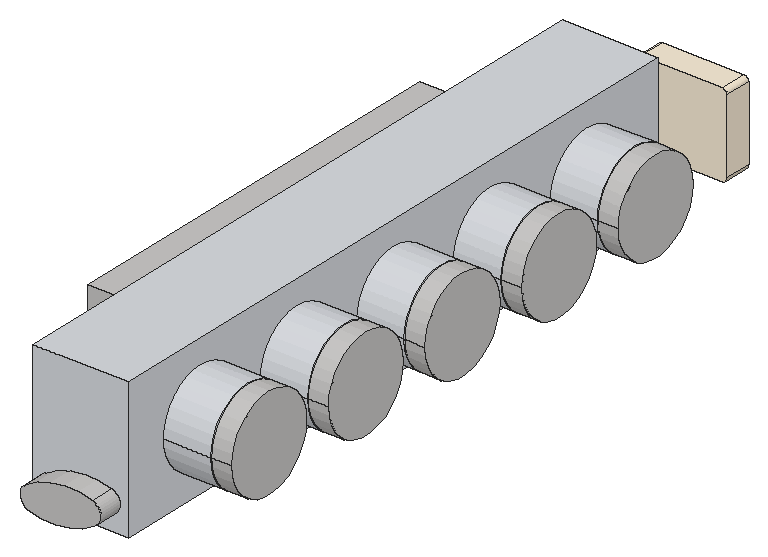
Revit family "HVAC_Ductwork_Airzone_Motorized-Plenum_Panasonic_Standard_5-Dampers", category Mechanical Equipment, Revit 2016
Family settings
  Part Type = Normal
  Round Connector Dimension = Use Diameter
  OmniClass Number = 23.75.70.14
  OmniClass Title = Air Ductwork
  Work Plane-Based = No
  Always vertical = Yes
  Cut with Voids When Loaded = No
  Shared = No
  Room Calculation Point = No
Parameters (values of type "PANST01M5")
  Voltage = 230 V
  URL = "www.airzone.es"
  Type Image Comments = "Image available in product documentation download"  # constant formula
  Revit Model Version = "1.0"  # constant formula
  Revit Model Author URL = "www.a3d.es"
  Revit Model Author = "A3D Consulting"  # constant formula
  Product Documentation Download URL = "http://doc.airzone.es/BIM/Easyzone/Panasonic-Airzone_motorized_plenum.zip"
  Product Comments = "Refer to technical documentation for further details"  # constant formula
  Power Factor = 1
  Neck Width = 891.600 mm
  Neck Length = 95.000 mm
  Neck Height = 162.600 mm
  Material = Metal - AIRZONE - Galvanized Sheet - Semi-polished
  Main Control Board Material = Plastic - AIRZONE - Smooth - Off-white
  Load Classification = Other
  Insulated Body Width = 205.000 mm  # constant formula
  Insulated Body Material = Metal -AIRZONE - Insulating Lining -Aluminum Finish
  Insulated Body Length = 1425.000 mm  # constant formula
  Insulated Body Height = 300.000 mm  # constant formula
  Flow [instance] = Damper 5 Air Flow + Damper 4 Air Flow + Damper 3 Air Flow + Damper 2 Air Flow + Damper 1 Air Flow - Fresh Air Inlet 2 Flow - Fresh Air Inlet 1 Flow  # 1500 m³/h
  Fresh Air Inlet 1 Flow [instance] = 0 m³/h
  Fresh Air Inlet 2 Flow [instance] = 0 m³/h
  Fresh Air Inlet Connection Width = 175.000 mm
  Fresh Air Inlet Connection Height = 75.000 mm
  Model = "PANST01M5"
  Neck Side Offset = 266.700 mm
  Neck Bottom Offset = 102.200 mm
  Type Image = <None>
  Manufacturer = "AIRZONE"  # constant formula
  Main Control Board Depth = 57.000 mm  # constant formula
  Main Control Board Width = 195.000 mm  # constant formula
  Main Control Board Height = 180.000 mm  # constant formula
  Fixing = ""
  Disclaimer = "All information provided in this model is reviewed before being published. However, Airzone cannot guarantee this model is error-free, therefore users are strongly encouraged to check for technical documentation and updates"  # constant formula
  Description = "Airzone standard motorized plenum with neck that mechanically adapts to the main ducted AC units of Panasonic."
  Type Comments = ""
  Dampers Length = 149.000 mm  # constant formula
  Dampers Diameter = 200.000 mm  # constant formula
  Damper 5 Air Flow [instance] = 300 m³/h
  Damper 4 Air Flow [instance] = 300 m³/h
  Damper 1 Air Flow [instance] = 300 m³/h
  Damper 2 Air Flow [instance] = 300 m³/h
  Damper 3 Air Flow [instance] = 300 m³/h
  Fresh Air Inlet Connection Offset Height = 48.305 mm  # constant formula
  Compatible Accesories = ""
  Apparent Load = 57.5 VA
Types (5, lengths in mm): name | Neck Width | Neck Height | Model | Neck Side Offset | Neck Bottom Offset
  PANST05L5 | 1195.600 | 189.600 | "PANST05L5" | 164.700 | 77.200
  PANST05M5 | 795.600 | 189.600 | "PANST05M5" | 364.700 | 77.200
  PANST05S5 | 595.600 | 189.600 | "PANST05S5" | 464.700 | 77.200
  PANST01L5 | 1091.600 | 162.600 | "PANST01L5" | 166.700 | 102.200
  PANST01M5 | 891.600 | 162.600 | "PANST01M5" | 266.700 | 102.200
Reference planes
  plane 1 "Center (Front/Back)": y = 0
  plane 2 "Center (Elevation)": z = 0
  plane 3 "Center (Left/Right)": x = 0
  plane 4 "Neck Back": y = 445.8
  plane 5 "Neck Front": y = -445.8
  plane 6 "Neck Top": z = 81.3
  plane 7 "Neck Bottom": z = -81.3
  plane 8 "Left": x = 95
  plane 9 "Bottom": z = -183.5
  plane 10 "Top": z = 116.5
  plane 11 "Front": y = -712.5
  plane 12 "Back": y = 712.5
  plane 13 "Right": x = 300
  plane 14 "Dampers Front": x = 449
  plane 15 "Dampers Center (Elevation)": z = -33.5
  plane 16 "Damper3": y = 0
  plane 17 "Damper2": y = 260
  plane 18 "Damper1": y = 520
  plane 19 "Middle": y = 0
  plane 20 "FreshAir Center (Elevation)": z = -135.195
  plane 21 "FreshAir1": y = 765
  plane 22 "FreshAir2": y = -765
  plane 23 "Dampers Lining": x = 404
  plane 24 "FreshAir Vertical Axis": x = 195.83
  plane 25 "ConnectionBox Side": x = 254
  plane 26 "Main Control Board Center (Left/Right)": x = 351.5
  plane 27 "Damper4": y = -260
  plane 28 "Damper5": y = -520
Forms (mm)
  Extrusion 1, solid, material "Metal - AIRZONE - Galvanized Sheet - Semi-polished" <- "Material"
    sketch origin (0, 0, 0) x (0, 1, 0) y (0, 0, 1)
      loop
        line (-445.8, 81.3) -> (-445.8, -81.3) -> (445.8, -81.3) -> (445.8, 81.3) -> (-445.8, 81.3)
    from 0 to 95
  Extrusion 2, solid, material "Metal -AIRZONE - Insulating Lining -Aluminum Finish" <- "Insulated Body Material"
    sketch origin (95, 0, 0) x (0, 1, 0) y (0, 0, 1)
      loop
        line (-712.5, 116.5) -> (-712.5, -183.5) -> (712.5, -183.5) -> (712.5, 116.5) -> (-712.5, 116.5)
    from 0 to 205
  Extrusion 3, solid, material "Metal - AIRZONE - Galvanized Sheet - Semi-polished" <- "Material"
    sketch origin (300, 0, 0) x (0, 1, 0) y (0, 0, 1)
      loop
        circle (0, -33.5) r 100
    from 104 to 149
  Extrusion 4, solid, material "Metal - AIRZONE - Galvanized Sheet - Semi-polished" <- "Material"
    sketch origin (300, 0, 0) x (0, 1, 0) y (0, 0, 1)
      loop
        circle (260, -33.5) r 100
    from 104 to 149
  Extrusion 5, solid, material "Metal - AIRZONE - Galvanized Sheet - Semi-polished" <- "Material"
    sketch origin (300, 0, 0) x (0, 1, 0) y (0, 0, 1)
      loop
        circle (520, -33.5) r 100
    from 104 to 149
  Extrusion 6, solid, material "Metal - AIRZONE - Galvanized Sheet - Semi-polished" <- "Material"
    sketch origin (0, -712.5, 0) x (0, 0, 1) y (1, 0, 0)
      loop
        arc (-102.641, 265.204) -> (-124.108, 282.105) -> (-148.812, 270.434) r 25.96
        arc (-148.812, 270.434) -> (-174.802, 200.598) -> (-167.349, 126.456) r 164.67
        arc (-167.349, 126.456) -> (-146.165, 109.589) -> (-121.494, 120.751) r 25.96
        arc (-121.494, 120.751) -> (-95.225, 190.78) -> (-102.641, 265.204) r 164.67
    from 0 to -52.5
  Extrusion 7, solid, material "Metal - AIRZONE - Galvanized Sheet - Semi-polished" <- "Material"
    sketch origin (0, 712.5, 0) x (0, 0, 1) y (1, 0, 0)
      loop
        arc (-102.641, 265.204) -> (-123.825, 282.071) -> (-148.496, 270.909) r 25.96
        arc (-148.496, 270.909) -> (-174.679, 201.53) -> (-167.767, 127.699) r 164.67
        arc (-167.767, 127.699) -> (-146.532, 109.637) -> (-121.178, 121.226) r 25.96
        arc (-121.178, 121.226) -> (-95.188, 191.062) -> (-102.641, 265.204) r 164.67
    from 0 to 52.5
  Extrusion 8, solid, material "Metal -AIRZONE - Insulating Lining -Aluminum Finish" <- "Insulated Body Material"
    sketch origin (300, 0, 0) x (0, 1, 0) y (0, 0, 1)
      loop
        circle (520, -33.5) r 100
    from 0 to 104
  Extrusion 9, solid, material "Metal -AIRZONE - Insulating Lining -Aluminum Finish" <- "Insulated Body Material"
    sketch origin (300, -260, 0) x (0, 1, 0) y (0, 0, 1)
      loop
        circle (520, -33.5) r 100
    from 0 to 104
  Extrusion 10, solid, material "Metal -AIRZONE - Insulating Lining -Aluminum Finish" <- "Insulated Body Material"
    sketch origin (300, -520, 0) x (0, 1, 0) y (0, 0, 1)
      loop
        circle (520, -33.5) r 100
    from 0 to 104
  Extrusion 11, solid, material "Metal - AIRZONE - Galvanized Sheet - Semi-polished" <- "Material"
    sketch origin (300, -190, 0) x (0, 1, 0) y (0, 0, 1)
      loop
        circle (-70, -33.5) r 100
    from 104 to 149
  Extrusion 12, solid, material "Metal -AIRZONE - Insulating Lining -Aluminum Finish" <- "Insulated Body Material"
    sketch origin (300, -710, 0) x (0, 1, 0) y (0, 0, 1)
      loop
        circle (450, -33.5) r 100
    from 0 to 104
  Extrusion 13, solid, material "Metal -AIRZONE - Insulating Lining -Aluminum Finish" <- "Insulated Body Material"
    sketch origin (300, -970, 0) x (0, 1, 0) y (0, 0, 1)
      loop
        circle (450, -33.5) r 100
    from 0 to 104
  Extrusion 14, solid, material "Metal - AIRZONE - Galvanized Sheet - Semi-polished" <- "Material"
    sketch origin (300, -450, 0) x (0, 1, 0) y (0, 0, 1)
      loop
        circle (-70, -33.5) r 100
    from 104 to 149
Lines and regions (mm)
  Masking region 1
    outline origin (0, 0, 0) x (1, 0, 0) y (0, 1, 0)
      loop
        line (95, 712.5) -> (95, -712.5) -> (300, -712.5) -> (300, 712.5) -> (95, 712.5)
  Masking region 2, detail levels medium+fine
    outline origin (0, 0, 0) x (1, 0, 0) y (0, 1, 0)
      loop
        line (0, 445.8) -> (0, -445.8) -> (95, -445.8) -> (95, 445.8) -> (0, 445.8)
  Masking region 3, detail levels medium+fine
    outline origin (0, 0, 0) x (1, 0, 0) y (0, 1, 0)
      loop
        line (300, 100) -> (300, -100) -> (449, -100) -> (449, 100) -> (300, 100)
  Masking region 4, detail levels medium+fine
    outline origin (0, 260, 0) x (1, 0, 0) y (0, 1, 0)
      loop
        line (300, 100) -> (300, -100) -> (449, -100) -> (449, 100) -> (300, 100)
  Masking region 5, detail levels medium+fine
    outline origin (0, 520, 0) x (1, 0, 0) y (0, 1, 0)
      loop
        line (300, 100) -> (300, -100) -> (449, -100) -> (449, 100) -> (300, 100)
  Masking region 6, detail levels medium+fine
    outline origin (0, 0, -135.195) x (1, 0, 0) y (0, 1, 0)
      loop
        line (108.33, 765) -> (108.33, 712.5) -> (283.33, 712.5) -> (283.33, 765) -> (108.33, 765)
  Masking region 7, detail levels medium+fine
    outline origin (0, 0, -135.195) x (1, 0, 0) y (0, 1, 0)
      loop
        line (108.33, -712.5) -> (108.33, -765) -> (283.33, -765) -> (283.33, -712.5) -> (108.33, -712.5)
  Masking region 8, detail levels medium+fine
    outline origin (0, 0, 116.5) x (0, -1, 0) y (1, 0, 0)
      loop
        line (-769.5, 254) -> (-712.5, 254) -> (-712.5, 449) -> (-769.5, 449) -> (-769.5, 254)
  Masking region 9, detail levels medium+fine
    outline origin (0, -190, 0) x (1, 0, 0) y (0, 1, 0)
      loop
        line (300, 30) -> (300, -170) -> (449, -170) -> (449, 30) -> (300, 30)
  Masking region 10, detail levels medium+fine
    outline origin (0, -450, 0) x (1, 0, 0) y (0, 1, 0)
      loop
        line (300, 30) -> (300, -170) -> (449, -170) -> (449, 30) -> (300, 30)
  symbolic lines, detail levels coarse
    curve 1: line (95, -712.5, 0) -> (300, 0, 0)
    curve 2: line (300, 0, 0) -> (95, 712.5, 0)
Dimensions and locks
  equal spacing: plane 4 "Neck Back", plane 1 "Center (Front/Back)", plane 5 "Neck Front"
  "Neck Width": plane 4 "Neck Back" to plane 5 "Neck Front"
  equal spacing: plane 6 "Neck Top", level, plane 7 "Neck Bottom"
  "Neck Height": plane 6 "Neck Top" to plane 7 "Neck Bottom"
  "Neck Length": plane 3 "Center (Left/Right)" to plane 8 "Left"
  "Neck Bottom Offset": plane 7 "Neck Bottom" to plane 9 "Bottom"
  "Insulated Body Height": plane 10 "Top" to plane 9 "Bottom"
  "Insulated Body Length": plane 12 "Back" to plane 11 "Front"
  "Insulated Body Width": plane 8 "Left" to plane 13 "Right"
  "Dampers Length": plane 13 "Right" to plane 14 "Dampers Front"
  equal spacing: plane 10 "Top", plane 15 "Dampers Center (Elevation)", plane 9 "Bottom"
  equal spacing: plane 12 "Back", plane 19 "Middle", plane 11 "Front"
  plane 8 "Left" to plane 13 "Right" = 205.000 mm
  "Fresh Air Inlet Connection Offset Height": plane 20 "FreshAir Center (Elevation)" to plane 9 "Bottom"
  locked: Extrusion 6 sketch curve to plane 9 "Bottom" at 56.47
  locked: plane 13 "Right" to Extrusion 6 sketch curve at 43.69
  locked: plane 13 "Right" to Extrusion 6 sketch curve at 164.65
  locked: Extrusion 6 sketch curve to plane 9 "Bottom" at 40.54
  locked: plane 13 "Right" to Extrusion 6 sketch curve at 87.91
  locked: plane 9 "Bottom" to Extrusion 6 sketch curve at 75.01
  locked: plane 13 "Right" to Extrusion 6 sketch curve at 120.43
  locked: Extrusion 6 sketch curve to plane 9 "Bottom" at 172.02
  locked: plane 13 "Right" to Extrusion 7 sketch curve at 43.69
  locked: Extrusion 7 sketch curve to plane 9 "Bottom" at 56.47
  locked: Extrusion 7 sketch curve to plane 9 "Bottom" at 40.54
  locked: plane 13 "Right" to Extrusion 7 sketch curve at 164.65
  locked: plane 13 "Right" to Extrusion 7 sketch curve at 120.43
  locked: Extrusion 7 sketch curve to plane 9 "Bottom" at 172.02
  locked: plane 9 "Bottom" to Extrusion 7 sketch curve at 75.01
  locked: plane 13 "Right" to Extrusion 7 sketch curve at 87.91
  "Neck Side Offset": plane 12 "Back" to plane 4 "Neck Back"
  locked: plane 21 "FreshAir1" to plane 12 "Back" at 52.5
  plane 11 "Front" to plane 22 "FreshAir2" = 52.500 mm
  locked: connector elem to plane 13 "Right" at 104.17
  locked: plane 20 "FreshAir Center (Elevation)" to connector elem
  locked: plane 13 "Right" to connector elem at 104.17
  locked: connector elem to plane 20 "FreshAir Center (Elevation)"
  locked: plane 23 "Dampers Lining" to plane 14 "Dampers Front" at 45
  locked: plane 24 "FreshAir Vertical Axis" to plane 13 "Right" at 104.17
  equal spacing: Masking region 3 sketch curve, plane 16 "Damper3", Masking region 3 sketch curve
  "Dampers Diameter": Masking region 3 sketch curve to Masking region 3 sketch curve
  "Dampers Diameter": Masking region 4 sketch curve to Masking region 4 sketch curve
  equal spacing: Masking region 5 sketch curve, plane 18 "Damper1", Masking region 5 sketch curve
  "Dampers Diameter": Masking region 5 sketch curve to Masking region 5 sketch curve
  equal spacing: Masking region 6 sketch curve, plane 24 "FreshAir Vertical Axis", Masking region 6 sketch curve
  "Fresh Air Inlet Connection Width": Masking region 6 sketch curve to Masking region 6 sketch curve
  equal spacing: Masking region 7 sketch curve, plane 24 "FreshAir Vertical Axis", Masking region 7 sketch curve
  "Fresh Air Inlet Connection Width": Masking region 7 sketch curve to Masking region 7 sketch curve
  "Main Control Board Depth": Masking region 8 sketch curve to plane 12 "Back"
  "Main Control Board Width": plane 25 "ConnectionBox Side" to plane 14 "Dampers Front"
  equal spacing: plane 25 "ConnectionBox Side", plane 26 "Main Control Board Center (Left/Right)", plane 14 "Dampers Front"
  locked: nested 1 to plane 10 "Top" at 10
  equal spacing: Masking region 4 sketch curve, plane 17 "Damper2", Masking region 4 sketch curve
  equal spacing: Masking region 9 sketch curve, plane 27 "Damper4", Masking region 9 sketch curve
  "Dampers Diameter": Masking region 9 sketch curve to Masking region 9 sketch curve
  plane 18 "Damper1" to plane 17 "Damper2" to plane 16 "Damper3" to plane 27 "Damper4" to plane 28 "Damper5" = 260.000 mm locked, 260.000 mm locked, 260.000 mm locked, 260.000 mm locked
  locked: plane 19 "Middle" to plane 16 "Damper3"
  equal spacing: Masking region 10 sketch curve, plane 28 "Damper5", Masking region 10 sketch curve
  "Dampers Diameter": Masking region 10 sketch curve to Masking region 10 sketch curve
  "Dampers Diameter": diameter of Extrusion 3 sketch curve
  "Dampers Diameter": diameter of Extrusion 4 sketch curve
  "Dampers Diameter": diameter of Extrusion 5 sketch curve
  radius of Extrusion 7 sketch curve = 164.670 mm  (x2)
  radius of Extrusion 7 sketch curve = 25.960 mm  (x2)
  radius of Extrusion 6 sketch curve = 164.670 mm  (x2)
  radius of Extrusion 6 sketch curve = 25.960 mm  (x2)
  "Dampers Diameter": diameter of Extrusion 8 sketch curve
  "Dampers Diameter": diameter of Extrusion 9 sketch curve
  "Dampers Diameter": diameter of Extrusion 10 sketch curve
  "Dampers Diameter": diameter of Extrusion 11 sketch curve
  "Dampers Diameter": diameter of Extrusion 12 sketch curve
  "Dampers Diameter": diameter of Extrusion 13 sketch curve
  "Dampers Diameter": diameter of Extrusion 14 sketch curve
  aligned and locked: level to plane 2 "Center (Elevation)"
  aligned and locked: plane 5 "Neck Front" to Extrusion 1 sketch curve
  aligned and locked: Extrusion 1 sketch curve to plane 6 "Neck Top"
  aligned and locked: Extrusion 1 sketch curve to plane 4 "Neck Back"
  aligned and locked: plane 7 "Neck Bottom" to Extrusion 1 sketch curve
  aligned and locked: Extrusion 1 to plane 3 "Center (Left/Right)"
  aligned and locked: Extrusion 2 sketch curve to plane 10 "Top"
  aligned and locked: Extrusion 2 sketch curve to plane 12 "Back"
  aligned and locked: plane 9 "Bottom" to Extrusion 2 sketch curve
  aligned and locked: plane 11 "Front" to Extrusion 2 sketch curve
  aligned and locked: plane 13 "Right" to Extrusion 2
  aligned and locked: Extrusion 2 to plane 8 "Left"
  aligned and locked: plane 16 "Damper3" to Extrusion 3 sketch curve
  aligned and locked: plane 15 "Dampers Center (Elevation)" to Extrusion 3 sketch curve
  aligned and locked: plane 15 "Dampers Center (Elevation)" to Extrusion 4 sketch curve
  aligned and locked: plane 18 "Damper1" to Extrusion 5 sketch curve
  aligned and locked: plane 15 "Dampers Center (Elevation)" to Extrusion 5 sketch curve
  aligned and locked: plane 14 "Dampers Front" to Extrusion 5
  aligned and locked: plane 14 "Dampers Front" to Extrusion 4
  aligned and locked: plane 14 "Dampers Front" to Extrusion 3
  aligned and locked: plane 8 "Left" to Extrusion 1
  aligned and locked: plane 22 "FreshAir2" to Extrusion 6
  aligned and locked: plane 21 "FreshAir1" to Extrusion 7
  aligned and locked: Extrusion 7 to plane 12 "Back"
  aligned and locked: plane 11 "Front" to Extrusion 6
  aligned and locked: Extrusion 5 to plane 23 "Dampers Lining"
  aligned and locked: Extrusion 5 to Extrusion 4
  aligned and locked: Extrusion 4 to Extrusion 3
  aligned and locked: plane 23 "Dampers Lining" to Extrusion 8
  aligned and locked: Extrusion 10 to plane 13 "Right"
  aligned and locked: plane 23 "Dampers Lining" to Extrusion 10
  aligned and locked: Extrusion 9 to plane 13 "Right"
  aligned and locked: plane 23 "Dampers Lining" to Extrusion 9
  aligned and locked: Extrusion 8 to plane 13 "Right"
  aligned and locked: Extrusion 9 to Extrusion 8
  aligned and locked: plane 18 "Damper1" to Extrusion 8 sketch curve
  aligned and locked: plane 15 "Dampers Center (Elevation)" to Extrusion 8 sketch curve
  aligned and locked: plane 15 "Dampers Center (Elevation)" to Extrusion 9 sketch curve
  aligned and locked: plane 16 "Damper3" to Extrusion 10 sketch curve
  aligned and locked: plane 15 "Dampers Center (Elevation)" to Extrusion 10 sketch curve
  aligned and locked: Masking region 1 sketch curve to plane 12 "Back"
  aligned and locked: plane 8 "Left" to Masking region 1 sketch curve
  aligned and locked: Masking region 1 sketch curve to plane 13 "Right"
  aligned and locked: plane 11 "Front" to Masking region 1 sketch curve
  aligned and locked: plane 5 "Neck Front" to Masking region 2 sketch curve
  aligned and locked: plane 3 "Center (Left/Right)" to Masking region 2 sketch curve
  aligned and locked: Masking region 2 sketch curve to plane 4 "Neck Back"
  aligned and locked: Masking region 2 sketch curve to plane 8 "Left"
  aligned and locked: plane 13 "Right" to Masking region 3 sketch curve
  aligned and locked: Masking region 3 sketch curve to plane 14 "Dampers Front"
  aligned and locked: plane 13 "Right" to Masking region 4 sketch curve
  aligned and locked: Masking region 4 sketch curve to plane 14 "Dampers Front"
  aligned and locked: plane 13 "Right" to Masking region 5 sketch curve
  aligned and locked: Masking region 5 sketch curve to plane 14 "Dampers Front"
  aligned and locked: plane 12 "Back" to Masking region 6 sketch curve
  aligned and locked: Masking region 6 sketch curve to plane 21 "FreshAir1"
  aligned and locked: Masking region 7 sketch curve to plane 11 "Front"
  aligned and locked: Masking region 7 sketch curve to plane 22 "FreshAir2"
  aligned and locked: plane 12 "Back" to Masking region 8 sketch curve
  aligned and locked: Masking region 8 sketch curve to plane 14 "Dampers Front"
  aligned and locked: plane 25 "ConnectionBox Side" to Masking region 8 sketch curve
  aligned and locked: plane 17 "Damper2" to Extrusion 9 sketch curve
  aligned and locked: plane 17 "Damper2" to Extrusion 4 sketch curve
  aligned and locked: Masking region 9 sketch curve to plane 14 "Dampers Front"
  aligned and locked: plane 13 "Right" to Masking region 9 sketch curve
  aligned and locked: Extrusion 12 to plane 13 "Right"
  aligned and locked: plane 23 "Dampers Lining" to Extrusion 12
  aligned and locked: Extrusion 11 to plane 23 "Dampers Lining"
  aligned and locked: plane 14 "Dampers Front" to Extrusion 11
  aligned and locked: plane 15 "Dampers Center (Elevation)" to Extrusion 12 sketch curve
  aligned and locked: plane 27 "Damper4" to Extrusion 12 sketch curve
  aligned and locked: plane 15 "Dampers Center (Elevation)" to Extrusion 11 sketch curve
  aligned and locked: plane 27 "Damper4" to Extrusion 11 sketch curve
  aligned and locked: Masking region 10 sketch curve to plane 14 "Dampers Front"
  aligned and locked: plane 13 "Right" to Masking region 10 sketch curve
  aligned and locked: plane 28 "Damper5" to Extrusion 13 sketch curve
  aligned and locked: plane 15 "Dampers Center (Elevation)" to Extrusion 13 sketch curve
  aligned and locked: Extrusion 14 to plane 23 "Dampers Lining"
  aligned and locked: plane 14 "Dampers Front" to Extrusion 14
  aligned and locked: plane 15 "Dampers Center (Elevation)" to Extrusion 14 sketch curve
  aligned and locked: plane 28 "Damper5" to Extrusion 14 sketch curve
  aligned and locked: nested 1 to plane 26 "Main Control Board Center (Left/Right)"
Automatic sketch dimensions
  curve 2 to plane 8 "Left" = 0.000 mm
  curve 1 to plane 8 "Left" = 0.000 mm
  curve 2 to plane 13 "Right" = 0.000 mm
  curve 1 to plane 11 "Front" = 0.000 mm
  curve 2 to plane 16 "Damper3" = 0.000 mm
  curve 2 to plane 12 "Back" = 0.000 mm
Nested families
  nested 1: "Airzone_Main-Control-Board" at (351.5, 712.5, 16.5) x (-1, 0, 0) z (0, 1, 0), Extrusion <- "Main Control Board Depth", Height <- "Main Control Board Height", Width <- "Main Control Board Width", Material <- "Main Control Board Material", type "Standard"
    with Width 195.000 mm, Material Plastic - AIRZONE - Smooth - Off-white, Height 180.000 mm, Extrusion 57.000 mm
Connectors
  hvac at (449, 0, -33.5), driven by "Damper 3 Air Flow", driven by "Dampers Diameter"
    settings: on Extrusion 3, index 1, duct flow 300 m³/h, flow factor 0, pres drop 0.0 Pa, loss coef 0, conn angle 0.00°, conn width 304.8 mm, conn height 304.8 mm, conn diameter 200 mm, duct sys type 1, conn prof type 0, flow config 0, flow direction 2, loss method 0, conn ref index -1, conn util no, is conn primary no, conn desc "Supply Air Out 3"
  hvac at (449, 260, -33.5), driven by "Damper 2 Air Flow", driven by "Dampers Diameter"
    settings: on Extrusion 4, index 2, duct flow 300 m³/h, flow factor 0, pres drop 0.0 Pa, loss coef 0, conn angle 0.00°, conn width 304.8 mm, conn height 304.8 mm, conn diameter 200 mm, duct sys type 1, conn prof type 0, flow config 0, flow direction 2, loss method 0, conn ref index -1, conn util no, is conn primary no, conn desc "Supply Air Out 2"
  hvac at (449, 520, -33.5), driven by "Damper 1 Air Flow", driven by "Dampers Diameter"
    settings: on Extrusion 5, index 3, duct flow 300 m³/h, flow factor 0, pres drop 0.0 Pa, loss coef 0, conn angle 0.00°, conn width 304.8 mm, conn height 304.8 mm, conn diameter 200 mm, duct sys type 1, conn prof type 0, flow config 0, flow direction 2, loss method 0, conn ref index -1, conn util no, is conn primary no, conn desc "Supply Air Out 1"
  hvac at (0, 0, 0), driven by "Flow", driven by "Neck Height", driven by "Neck Width"
    settings: on Extrusion 1, index 6, duct flow 1500 m³/h, flow factor 0, pres drop 0.0 Pa, loss coef 0, conn angle 0.00°, conn width 891.6 mm, conn height 162.6 mm, conn diameter 609.6 mm, duct sys type 1, conn prof type 1, flow config 1, flow direction 1, loss method 0, conn ref index -1, conn util no, is conn primary yes, conn desc "Supply Air In"
  hvac at (195.83, -765, -135.195), driven by "Fresh Air Inlet 2 Flow", driven by "Fresh Air Inlet Connection Width", driven by "Fresh Air Inlet Connection Height"
    settings: index 7, duct flow 0 m³/h, flow factor 0, pres drop 0.0 Pa, loss coef 0, conn angle 0.00°, conn width 175 mm, conn height 75 mm, conn diameter 609.6 mm, duct sys type 1, conn prof type 2, flow config 1, flow direction 1, loss method 0, conn ref index -1, conn util no, is conn primary no, conn desc "Fresh Air In 2"
  hvac at (195.83, 765, -135.195), driven by "Fresh Air Inlet 1 Flow", driven by "Fresh Air Inlet Connection Height", driven by "Fresh Air Inlet Connection Width"
    settings: index 8, duct flow 0 m³/h, flow factor 0, pres drop 0.0 Pa, loss coef 0, conn angle 0.00°, conn width 175 mm, conn height 75 mm, conn diameter 609.6 mm, duct sys type 1, conn prof type 2, flow config 1, flow direction 1, loss method 0, conn ref index -1, conn util no, is conn primary no, conn desc "Fresh Air In 1"
  hvac at (449, -260, -33.5), driven by "Damper 4 Air Flow", driven by "Dampers Diameter"
    settings: on Extrusion 11, index 9, duct flow 300 m³/h, flow factor 0, pres drop 0.0 Pa, loss coef 0, conn angle 0.00°, conn width 304.8 mm, conn height 304.8 mm, conn diameter 200 mm, duct sys type 1, conn prof type 0, flow config 0, flow direction 2, loss method 0, conn ref index -1, conn util no, is conn primary no, conn desc "Supply Air Out 4"
  hvac at (449, -520, -33.5), driven by "Damper 5 Air Flow", driven by "Dampers Diameter"
    settings: on Extrusion 14, index 10, duct flow 300 m³/h, flow factor 0, pres drop 0.0 Pa, loss coef 0, conn angle 0.00°, conn width 304.8 mm, conn height 304.8 mm, conn diameter 200 mm, duct sys type 1, conn prof type 0, flow config 0, flow direction 2, loss method 0, conn ref index -1, conn util no, is conn primary no, conn desc "Supply Air Out 5"
  electrical at (351.5, 769.5, 16.5), driven by "Load Classification", driven by "Voltage", driven by "Apparent Load", driven by "Power Factor"
    settings: on nested 1, index 11, voltage 230 V, apparent load 57.5 VA, apparent load phase1 0 VA, apparent load phase2 0 VA, apparent load phase3 0 VA, power factor 1, load classification "Other", number of poles 1, system type 30, power factor state 1, is connector primary yes, connector utility no, sub classification motor no, connector description "Power Supply"
Definition of nested family "Airzone_Main-Control-Board"
  Parameters (values of type "Standard")
    Width [instance] = 195.000 mm
    URL = "www.airzone.es"
    Revit Model Version = "1.0"  # constant formula
    Revit Model Author URL = "www.a3d.es"
    Revit Model Author = "A3D Consulting"  # constant formula
    Material [instance] = none
    Manufacturer = "AIRZONE"  # constant formula
    Height [instance] = 180.000 mm
    Extrusion [instance] = 57.000 mm
    Default Elevation = 0.000 mm
  Reference planes
    plane 1 "Center (Front/Back)": y = 0
    plane 2: z = 0
    plane 3 "Center (Left/Right)": x = 0
    plane 4: y = 90
    plane 5: y = -90
    plane 6: x = 97.5
    plane 7: x = -97.5
  Forms (mm)
    Extrusion 1, solid, material <- "Material"
      sketch origin (0, 0, 0) x (1, 0, 0) y (0, 1, 0)
        loop
          arc (-87.5, 90) -> (-94.571, 87.071) -> (-97.5, 80) r 10
          line (-97.5, 80) -> (-97.5, -80)
          arc (-97.5, -80) -> (-94.571, -87.071) -> (-87.5, -90) r 10
          line (-87.5, -90) -> (87.5, -90)
          arc (87.5, -90) -> (94.571, -87.071) -> (97.5, -80) r 10
          line (97.5, -80) -> (97.5, 80)
          arc (97.5, 80) -> (94.571, 87.071) -> (87.5, 90) r 10
          line (87.5, 90) -> (-87.5, 90)
      from 0 to 57 <- "Extrusion"
  Dimensions and locks
    equal spacing: plane 7, plane 3 "Center (Left/Right)", plane 6
    equal spacing: plane 4, plane 1 "Center (Front/Back)", plane 5
    "Width": plane 7 to plane 6
    "Height": plane 4 to plane 5
    radius of Extrusion 1 sketch curve = 10.000 mm  (x4)
    aligned and locked: level to plane 2
    aligned and locked: plane 5 to Extrusion 1 sketch curve
    aligned and locked: Extrusion 1 sketch curve to plane 6
    aligned and locked: Extrusion 1 sketch curve to plane 4
    aligned and locked: plane 7 to Extrusion 1 sketch curve
